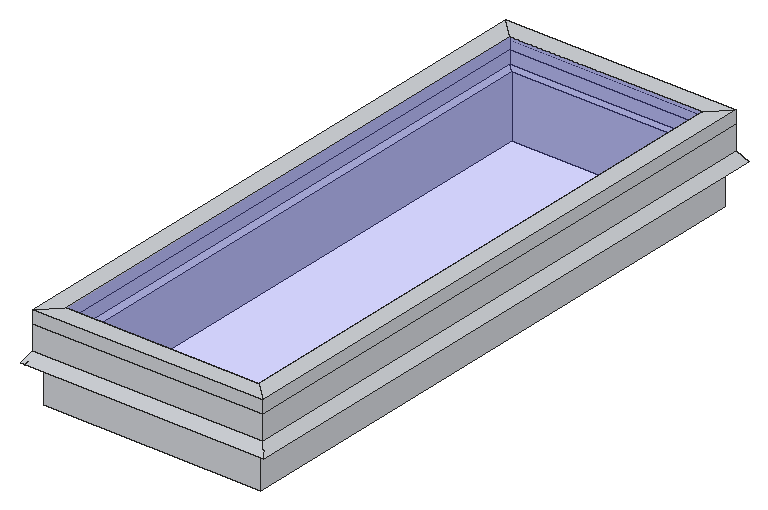
Revit family "WSL_A3-AU-Skylight-fixed", category Windows, host Roof, Revit 2016
Family settings
  Host = Roof
  Always vertical = No
  Cut with Voids When Loaded = No
  Shared = No
  Room Calculation Point = No
Parameters (values of type "0450x1200 Skylight")
  Height = 1200 mm
  Type Comments = ""
  Width = 450 mm
Types (6, lengths in mm): name | Height | Width
  (no name) | 1200 | 450
  0700x1000 Skylight | 1000 | 700
  0600x0700 Skylight | 700 | 600
  0450x1200 Skylight | 1200 | 450
  0900x1200 Skylight | 1200 | 900
  0700x1800 Skylight | 1800 | 700
Reference planes
  plane 1 "Roof": z = 3657.6
  plane 2 "Right": x = 279.84
  plane 3 "Left": x = -170.16
  plane 4: y = 395.504
  plane 5: y = -804.496
  plane 6 "Face": z = 3810
  plane 7 "Center L/R": x = 54.84
  plane 8 "Center F/B": y = -204.496
Forms (mm)
  Sweep 1, solid
    path origin (0, 0, 3810) x (-1, 0, 0) y (0, -1, 0)
      loop
        line (170.16, 804.496) -> (-279.84, 804.496) -> (-279.84, -395.504) -> (170.16, -395.504) -> (170.16, 804.496)
    profile origin (54.84, 0, 3810) x (0, 1, 0) y (0, 0, 1)
      loop
        line (-760.046, 0) -> (-760.046, 127) -> (-779.096, 127) -> (-779.096, 152.4) -> (-804.496, 152.4) -> (-804.496, 0) -> (-760.046, 0)
  Sweep 2, solid
    path origin (0, 0, 3810) x (-1, 0, 0) y (0, -1, 0)
      loop
        line (170.16, -395.504) -> (170.16, 804.496) -> (-279.84, 804.496) -> (-279.84, -395.504) -> (170.16, -395.504)
    profile origin (54.84, 0, 3810) x (0, 1, 0) y (0, 0, 1)
      loop
        line (370.104, 152.4) -> (395.504, 152.4) -> (401.854, 152.4) -> (401.854, 99.598) -> (417.571, 77.151) -> (422.773, 80.794) -> (408.204, 101.6) -> (408.204, 152.4) -> (408.204, 177.8) -> (370.104, 177.8) -> (370.104, 152.4)
  Extrusion 3, solid
    sketch origin (-144.76, -779.096, 3987.8) x (0, 1, 0) y (-1, 0, 0)
      loop
        line (0, 0) -> (0, -399.2) -> (1149.2, -399.2) -> (1149.2, 0) -> (0, 0)
    from 0 to -6.35
Lines and regions (mm)
  Opening 1
    outline origin (0, 0, 3810) x (0, 1, 0) y (-1, 0, 0)
      loop
        line (351.054, 125.71) -> (-760.046, 125.71) -> (-760.046, -235.39) -> (351.054, -235.39) -> (351.054, 125.71)
  symbolic lines, style "WindowsFrameMullionProjection"
    curve 1: line (-170.16, 395.504, 3810) -> (279.84, 395.504, 3810)
    curve 2: line (-170.16, -804.496, 3810) -> (-170.16, 395.504, 3810)
    curve 3: line (279.84, -804.496, 3810) -> (-170.16, -804.496, 3810)
    curve 4: line (279.84, 395.504, 3810) -> (279.84, -804.496, 3810)
    curve 5: line (-144.76, 370.104, 3810) -> (254.44, 370.104, 3810)
    curve 6: line (-144.76, -779.096, 3810) -> (-144.76, 370.104, 3810)
    curve 7: line (254.44, -779.096, 3810) -> (-144.76, -779.096, 3810)
    curve 8: line (254.44, 370.104, 3810) -> (254.44, -779.096, 3810)
Dimensions and locks
  host sketch curve to host sketch curve = 3048 mm  (x2)
  "Width": plane 3 "Left" to plane 2 "Right"
  "Height": plane 5 to plane 4
  equal spacing: plane 3 "Left", plane 7 "Center L/R", plane 2 "Right"
  equal spacing: plane 5, plane 8 "Center F/B", plane 4
  aligned and locked: level to plane 1 "Roof"
  aligned and locked: plane 6 "Face" to host roof
Automatic sketch dimensions
  Opening 1 sketch curve to plane 3 "Left" = 44.45 mm
  plane 5 to Opening 1 sketch curve = 44.45 mm
  plane 4 to Opening 1 sketch curve = 44.45 mm
  plane 2 "Right" to Opening 1 sketch curve = 44.45 mm
  Sweep 1 sketch curve to plane 2 "Right" = 0 mm
  Sweep 1 sketch curve to plane 3 "Left" = 0 mm
  Sweep 1 sketch curve to plane 4 = 0 mm
  Sweep 1 sketch curve to plane 5 = 0 mm
  Sweep 1 sketch curve to plane 6 "Face" = 0 mm
  Sweep 1 sketch curve to profile plane = 0 mm
  Sweep 1 sketch curve to profile plane = 25.4 mm
  Sweep 1 sketch curve to Sweep 1 sketch curve = 19.05 mm
  Sweep 1 sketch curve to plane 6 "Face" = 127 mm
  Sweep 1 sketch curve to Sweep 1 sketch curve = 25.4 mm
  Sweep 2 sketch curve to plane 2 "Right" = 0 mm
  Sweep 2 sketch curve to plane 3 "Left" = 0 mm
  Sweep 2 sketch curve to plane 4 = 0 mm
  Sweep 2 sketch curve to plane 5 = 0 mm
  Sweep 2 sketch curve to profile plane = 0 mm
  profile plane to Sweep 2 sketch curve = 25.4 mm
  Sweep 2 sketch curve to profile plane = 6.35 mm
  Sweep 2 sketch curve to profile plane = 12.7 mm
  Sweep 2 sketch curve to profile plane = 22.067 mm
  Sweep 2 sketch curve to Sweep 2 sketch curve = 5.202 mm
  Sweep 2 sketch curve to plane 6 "Face" = 77.151 mm
  Sweep 2 sketch curve to Sweep 2 sketch curve = 3.642 mm
  Sweep 2 sketch curve to Sweep 2 sketch curve = 50.8 mm
  Sweep 2 sketch curve to Sweep 2 sketch curve = 0 mm
  Sweep 2 sketch curve to Sweep 2 sketch curve = 25.4 mm
  plane 2 "Right" to Extrusion 3 sketch curve = 25.4 mm
  plane 5 to Extrusion 3 sketch curve = 25.4 mm
  Extrusion 3 sketch curve to plane 3 "Left" = 25.4 mm
  plane 4 to Extrusion 3 sketch curve = 25.4 mm
  curve 1 to plane 3 "Left" = 0 mm
  curve 4 to plane 2 "Right" = 0 mm
  curve 3 to plane 5 = 0 mm
  curve 2 to plane 4 = 0 mm
  curve 5 to plane 3 "Left" = 25.4 mm
  plane 2 "Right" to curve 5 = 25.4 mm
  plane 5 to curve 7 = 25.4 mm
  plane 4 to curve 5 = 25.4 mm
